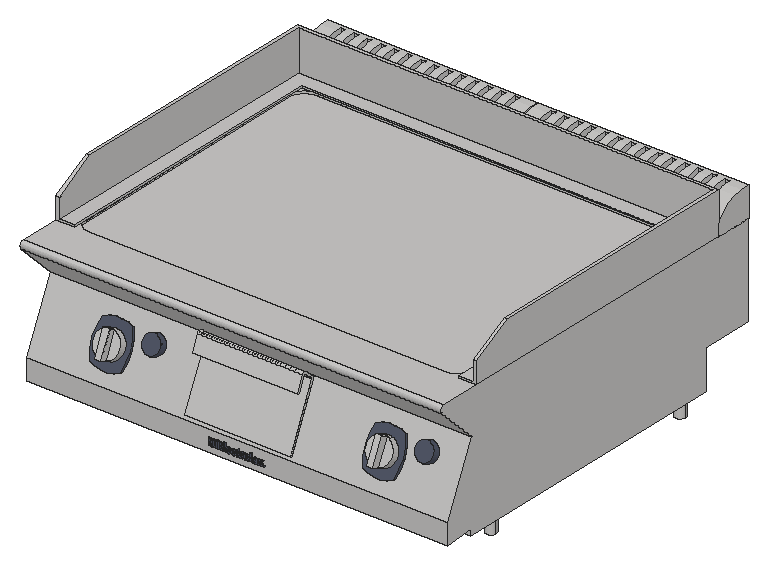
Revit family "QF_ELECTROLUXPROFESSIONAL_371038_E7FTGHCS00", category Specialty Equipment, Revit 2018 (continued)
Automatic sketch dimensions
  Extrusion 19 sketch curve to Extrusion 19 sketch curve = 0.352 mm
  Extrusion 19 sketch curve to Extrusion 19 sketch curve = 0.458 mm
  Extrusion 19 sketch curve to Extrusion 19 sketch curve = 1.282 mm
  Extrusion 19 sketch curve to Extrusion 19 sketch curve = 1.363 mm
  Extrusion 19 sketch curve to Extrusion 19 sketch curve = 0.685 mm
  Extrusion 19 sketch curve to Extrusion 19 sketch curve = 0.905 mm
  Extrusion 19 sketch curve to Extrusion 19 sketch curve = 2.865 mm
  Extrusion 19 sketch curve to Extrusion 19 sketch curve = 0.472 mm
  Extrusion 19 sketch curve to Extrusion 19 sketch curve = 0.101 mm
  Extrusion 19 sketch curve to Extrusion 19 sketch curve = 0.54 mm
  Extrusion 19 sketch curve to Extrusion 19 sketch curve = 0.02 mm
  Extrusion 19 sketch curve to Extrusion 19 sketch curve = 0.468 mm
  Extrusion 19 sketch curve to Extrusion 19 sketch curve = 0.829 mm
  Extrusion 19 sketch curve to Extrusion 19 sketch curve = 0.582 mm
  Extrusion 19 sketch curve to Extrusion 19 sketch curve = 0.166 mm
  Extrusion 19 sketch curve to Extrusion 19 sketch curve = 0.16 mm
  Extrusion 19 sketch curve to Extrusion 19 sketch curve = 2.781 mm
  Extrusion 19 sketch curve to Extrusion 19 sketch curve = 1.118 mm
  Extrusion 19 sketch curve to Extrusion 19 sketch curve = 0.613 mm
  Extrusion 19 sketch curve to Extrusion 19 sketch curve = 0.361 mm
  Extrusion 19 sketch curve to Extrusion 19 sketch curve = 0.897 mm
  Extrusion 19 sketch curve to Extrusion 19 sketch curve = 0.167 mm
  Extrusion 19 sketch curve to Extrusion 19 sketch curve = 0.292 mm
  Extrusion 19 sketch curve to Extrusion 19 sketch curve = 0.305 mm
  Extrusion 19 sketch curve to Extrusion 19 sketch curve = 1.557 mm
  Extrusion 19 sketch curve to Extrusion 19 sketch curve = 2.499 mm
  Extrusion 19 sketch curve to Extrusion 19 sketch curve = 3.062 mm
  Extrusion 19 sketch curve to Extrusion 19 sketch curve = 2.968 mm
  Extrusion 19 sketch curve to Extrusion 19 sketch curve = 5.044 mm
  Extrusion 19 sketch curve to Extrusion 19 sketch curve = 0.629 mm  (x2)
  Extrusion 19 sketch curve to Extrusion 19 sketch curve = 1.131 mm
  Extrusion 19 sketch curve to Extrusion 19 sketch curve = 0.137 mm
  Extrusion 19 sketch curve to Extrusion 19 sketch curve = 0.027 mm
  Extrusion 19 sketch curve to Extrusion 19 sketch curve = 2.235 mm
  plane 1 "BACK" to curve 5 = 0 mm
  curve 14 to curve 16 = 57.786 mm
  curve 12 to curve 10 = 35.035 mm
  plane 1 "BACK" to curve 83 = 0 mm
  curve 83 to plane 7 "Center Y" = 0 mm
  curve 69 to plane 7 "Center Y" = 106.168 mm
  plane 1 "BACK" to curve 67 = 6.761 mm
  curve 68 to curve 69 = 9.296 mm
  plane 1 "BACK" to curve 63 = 6.761 mm
  curve 63 to curve 67 = 16.193 mm
  curve 65 to curve 65 = 9.296 mm
  curve 61 to curve 64 = 16.193 mm
  curve 60 to curve 59 = 9.296 mm
  plane 1 "BACK" to curve 55 = 6.761 mm
  curve 55 to curve 59 = 16.193 mm
  curve 55 to curve 55 = 9.296 mm
  curve 54 to curve 56 = 16.193 mm
  curve 52 to curve 51 = 9.296 mm
  curve 50 to curve 51 = 16.193 mm
  curve 49 to curve 49 = 9.296 mm
  plane 1 "BACK" to curve 43 = 6.761 mm
  curve 43 to curve 47 = 16.193 mm
  curve 44 to curve 45 = 9.296 mm
  curve 41 to curve 44 = 16.193 mm
  curve 41 to curve 41 = 9.296 mm
  plane 1 "BACK" to curve 35 = 6.761 mm
  curve 37 to curve 40 = 16.193 mm
  curve 36 to curve 37 = 9.296 mm
  plane 1 "BACK" to curve 34 = 6.761 mm
  curve 34 to curve 35 = 16.193 mm
  curve 33 to curve 33 = 9.296 mm
  plane 1 "BACK" to curve 27 = 6.761 mm
  curve 27 to curve 31 = 16.193 mm
  curve 27 to curve 27 = 9.296 mm
  curve 69 to curve 73 = 16.193 mm
  curve 71 to curve 74 = 9.296 mm
  plane 1 "BACK" to curve 75 = 6.761 mm
  curve 73 to curve 77 = 16.193 mm
  curve 76 to curve 78 = 9.296 mm
  curve 77 to curve 80 = 16.193 mm
  curve 79 to curve 82 = 9.296 mm
  plane 1 "BACK" to curve 136 = 6.761 mm
  plane 7 "Center Y" to curve 136 = 29.703 mm
  curve 136 to curve 136 = 9.296 mm
  curve 137 to curve 134 = 16.193 mm
  curve 132 to curve 132 = 9.296 mm
  plane 1 "BACK" to curve 128 = 6.761 mm
  curve 132 to curve 128 = 16.193 mm
  curve 128 to curve 128 = 9.296 mm
  curve 129 to curve 127 = 16.193 mm
  curve 124 to curve 125 = 9.296 mm
  curve 125 to curve 123 = 16.193 mm
  curve 120 to curve 121 = 9.296 mm
  curve 121 to curve 118 = 16.193 mm
  curve 116 to curve 117 = 9.296 mm
  curve 117 to curve 114 = 16.193 mm
  plane 1 "BACK" to curve 112 = 6.761 mm
  curve 112 to curve 113 = 9.296 mm
  plane 1 "BACK" to curve 108 = 6.761 mm
  curve 113 to curve 110 = 16.193 mm
  curve 108 to curve 109 = 9.296 mm
  curve 109 to curve 107 = 16.193 mm
  curve 104 to curve 105 = 9.296 mm
  curve 105 to curve 102 = 16.193 mm
  curve 100 to curve 101 = 9.296 mm
  plane 1 "BACK" to curve 96 = 6.761 mm
  curve 100 to curve 96 = 16.193 mm
  curve 96 to curve 97 = 9.296 mm
  plane 1 "BACK" to curve 95 = 6.761 mm
  curve 96 to curve 95 = 16.193 mm
  curve 94 to curve 93 = 9.296 mm
  plane 1 "BACK" to curve 91 = 6.761 mm
  curve 92 to curve 91 = 16.193 mm
  curve 88 to curve 89 = 9.296 mm
  curve 89 to curve 87 = 16.193 mm
  curve 86 to curve 86 = 9.296 mm
  curve 83 to curve 136 = 63.089 mm
  curve 83 to curve 138 = 5.939 mm
  curve 28 to curve 27 = 57.15 mm
  curve 137 to curve 135 = 0 mm
  curve 29 to curve 32 = 0 mm
  curve 133 to curve 131 = 0 mm
  curve 33 to curve 36 = 0 mm
  curve 129 to curve 127 = 0 mm
  curve 37 to curve 40 = 0 mm
  curve 125 to curve 123 = 0 mm
  curve 41 to curve 44 = 0 mm
  curve 121 to curve 119 = 0 mm
  curve 45 to curve 48 = 0 mm
  curve 117 to curve 115 = 0 mm
  curve 49 to curve 52 = 0 mm
  curve 113 to curve 111 = 0 mm
  curve 53 to curve 56 = 0 mm
  curve 109 to curve 107 = 0 mm
  curve 57 to curve 60 = 0 mm
  curve 105 to curve 103 = 0 mm
  curve 61 to curve 64 = 0 mm
  curve 101 to curve 99 = 0 mm
  curve 65 to curve 68 = 0 mm
  curve 97 to curve 95 = 0 mm
  curve 69 to curve 72 = 0 mm
  curve 93 to curve 91 = 0 mm
  curve 73 to curve 76 = 0 mm
  curve 89 to curve 87 = 0 mm
  curve 77 to curve 80 = 0 mm
  plane 1 "BACK" to curve 54 = 6.761 mm
  plane 1 "BACK" to curve 84 = 6.761 mm
  plane 1 "BACK" to curve 80 = 6.761 mm
  plane 1 "BACK" to curve 74 = 6.761 mm
  plane 1 "BACK" to curve 100 = 6.761 mm
  plane 1 "BACK" to curve 104 = 6.761 mm
  plane 1 "BACK" to curve 60 = 6.761 mm
  plane 1 "BACK" to curve 116 = 6.761 mm
  plane 1 "BACK" to curve 48 = 6.761 mm
  plane 1 "BACK" to curve 120 = 6.761 mm
  plane 1 "BACK" to curve 124 = 6.761 mm
  plane 1 "BACK" to curve 40 = 6.761 mm
  plane 1 "BACK" to curve 132 = 6.761 mm
  plane 1 "BACK" to curve 24 = 0 mm
  curve 24 to plane 4 "RIGHT" = 0 mm
  curve 25 to plane 4 "RIGHT" = 0 mm
  plane 1 "BACK" to curve 26 = 0 mm
  curve 26 to plane 4 "RIGHT" = 0 mm
  curve 26 to plane 3 "LEFT" = 0 mm
  curve 25 to plane 3 "LEFT" = 0 mm
  curve 24 to plane 3 "LEFT" = 0 mm
  curve 24 to curve 25 = 69.85 mm
  Extrusion 20 sketch curve to plane 10 "TOP A" = 0 mm
  Extrusion 20 sketch curve to plane 1 "BACK" = 0 mm
  plane 1 "BACK" to Extrusion 20 sketch curve = 4.947 mm
  plane 6 "TOP" to Extrusion 20 sketch curve = 11.113 mm
  plane 1 "BACK" to Extrusion 20 sketch curve = 69.85 mm
  Extrusion 20 sketch curve to plane 10 "TOP A" = 24.807 mm
  plane 1 "BACK" to Extrusion 21 sketch curve = 6.761 mm  (x14)
  Extrusion 21 sketch curve to Extrusion 21 sketch curve = 57.15 mm
  Extrusion 21 sketch curve to Extrusion 21 sketch curve = 0 mm  (x13)
  plane 3 "LEFT" to Extrusion 21 sketch curve = 29.703 mm
  Extrusion 21 sketch curve to Extrusion 21 sketch curve = 9.296 mm  (x14)
  Extrusion 21 sketch curve to Extrusion 21 sketch curve = 16.193 mm  (x13)
  Extrusion 22 sketch curve to plane 10 "TOP A" = 0 mm
  Extrusion 22 sketch curve to plane 1 "BACK" = 0 mm
  plane 1 "BACK" to Extrusion 22 sketch curve = 4.947 mm
  plane 6 "TOP" to Extrusion 22 sketch curve = 11.113 mm
  plane 1 "BACK" to Extrusion 22 sketch curve = 69.85 mm
  Extrusion 22 sketch curve to plane 10 "TOP A" = 24.807 mm
  plane 1 "BACK" to Extrusion 23 sketch curve = 6.761 mm  (x14)
  Extrusion 23 sketch curve to Extrusion 23 sketch curve = 57.15 mm
  Extrusion 23 sketch curve to Extrusion 23 sketch curve = 0 mm  (x13)
  plane 7 "Center Y" to Extrusion 23 sketch curve = 29.703 mm
  Extrusion 23 sketch curve to Extrusion 23 sketch curve = 9.296 mm  (x14)
  Extrusion 23 sketch curve to Extrusion 23 sketch curve = 16.193 mm  (x13)
  radius of Extrusion 3 sketch curve = 9.525 mm  (x4)
  radius of Extrusion 4 sketch curve = 6.35 mm
  radius of Extrusion 12 sketch curve = 25.4 mm
  radius of Extrusion 13 sketch curve to Extrusion 12 = 0 mm  (x2)
  radius of Extrusion 15 sketch curve = 25.4 mm
  radius of Extrusion 16 sketch curve to Extrusion 15 = 0 mm  (x2)
  radius of Extrusion 17 sketch curve = 17.78 mm
  radius of Extrusion 18 sketch curve = 17.78 mm
Connectors
  piping at (749.3, -98.425, 57.718), diameter 12.8
    settings: on Extrusion 4, index 1, connector inside diameter 0.50394", connector length 0 mm, flow factor 0, pipe flow 0 GPM, pressure drop 0.00 psi, fitting loss kfactor 0, connector angle 0.00°, fixture units 0, engagement length 0 mm, angle of deflection 0.00°, flow configuration 1, flow direction 1, fitting loss method 0, system type 7, joint type 0, gender type 0, connector reference index -1, connector utility 0, adjustable connector no, is connector primary yes, connector description "Gas Connection"
